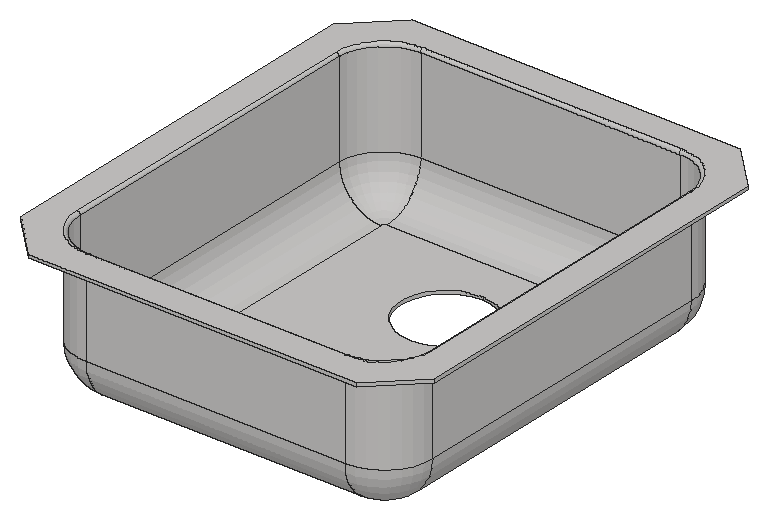
Revit family "Sink-Undermount-ADA-Acorn-SUADA-1416_Series", category Plumbing Fixtures, host Face, Revit 2019
Family settings
  Host = Face
  Round Connector Dimension = Use Diameter
  Part Type = Normal
  OmniClass Number = 23.45.05.14.14
  OmniClass Title = Sinks/Lavatories
  Cut with Voids When Loaded = No
  Shared = Yes
  Room Calculation Point = No
Parameters (values of type "SUADA-1416-55")
  cUPC Compliant = yes
  Width = 16"  # constant formula
  Waste Connection = no
  WFU = 4  # constant formula
  Vent Connection = no
  URL = "https://www.acorneng.com/home"
  Type Comments = ""
  Product Page URL = "https://www.acorneng.com/acorn-sinks-ada-undermount-suada-1416"
  Product Documentation Link = "https://www.acorneng.com/uploads/fileLibrary/SUADA-1416_pkt.pdf"
  Model = "SUADA-1416-55"
  Manufacturer = "Acorn"
  Length = 18 1/2"  # constant formula
  Countertop Thickness = 1/2"
  ADA Compliant = yes
  -55 4-1/2” Deep Bowl = not([-45 4-1/2” Deep Bowl])  # yes
  Installation Type = "Undermount"  # constant formula
  HWFU = 3  # constant formula
  HW Connection = no
  Finish = Stainless Steel-18 Gauge-Type 304-Acorn-Satin
  Drain Size = 3 1/2"  # constant formula
  Description = "Acorn-Sinks® Stainless Steel Undermount Sink, 14\" x 16\""
  Default Elevation = 34"
  Creation Date = "11/14/2024"
  Compliance Certifications = "ASME A112.19.3/CSA B45.4, IAPMO® Certified for Conformance with Uniform Plumbing Code (UPC ), International Plumbing Code (IPC ), National Plumbing Code of Canada (NPC )"
  CWFU = 3  # constant formula
  CW Connection = no
  Sink Bowl Width = 13 1/2"  # constant formula
  Sink Bowl Length = 16"  # constant formula
  Sink Bowl Depth = if([-45 4-1/2” Deep Bowl], 4 1/2", 5 1/2")  # 5 1/2"
  Assembly Code = "D2010440"
  -45 4-1/2” Deep Bowl = no
Types (3): name | Model | -55 4-1/2” Deep Bowl | Sink Bowl Depth | -45 4-1/2” Deep Bowl
  (no name) | "SUADA-1416-55" | yes | 5 1/2" | no
  SUADA-1416-45 | "SUADA-1416-45" | no | 4 1/2" | yes
  SUADA-1416-55 | "SUADA-1416-55" | yes | 5 1/2" | no
Reference planes (in)
  plane 1 "Center (Front/Back)": y = 0
  plane 2 "Counter": z = 0
  plane 3 "Center (Left/Right)": x = 0
  plane 4: x = -8
  plane 5: x = 8
  plane 6: y = -18.5
  plane 7: y = -1.25
  plane 8: z = -6
  plane 9: y = -17.25
  plane 10: y = -6.25
  plane 11: x = -6.75
  plane 12: x = -6.75
  plane 13: x = 6.75
  plane 14: x = 7.25
  plane 15: y = -17.75
  plane 16: y = -9.25
  plane 17 "Sink": z = -0.5
Forms (in)
  Sweep 1, solid, material "Stainless Steel-18 Gauge-Type 304-Acorn-Satin" <- "Finish"
    path origin (0, 0, -0.5) x (-1, 0, 0) y (0, -1, 0)
      loop
        line (5, 17.25) -> (-5, 17.25)
        arc (-5, 17.25) -> (-6.23744, 16.73744) -> (-6.75, 15.5) r 1.75
        line (-6.75, 15.5) -> (-6.75, 3)
        arc (-6.75, 3) -> (-6.23744, 1.76256) -> (-5, 1.25) r 1.75
        line (-5, 1.25) -> (5, 1.25)
        arc (5, 1.25) -> (6.23744, 1.76256) -> (6.75, 3) r 1.75
        line (6.75, 3) -> (6.75, 15.5)
        arc (6.75, 15.5) -> (6.23744, 16.73744) -> (5, 17.25) r 1.75
    profile origin (0, -17.25, -0.5) x (0, 1, 0) y (0, 0, 1)
      loop
        line (-0.125, 0) -> (-0.25, 0) -> (-0.25, -0.125) -> (-0.125, -0.125) -> (-0.125, -3.75)
        arc (-0.125, -3.75) -> (0.38756, -4.98744) -> (1.625, -5.5) r 1.75
        line (1.625, -5.5) -> (1.65625, -5.5) -> (1.65625, -5.375) -> (1.625, -5.375)
        arc (1.625, -5.375) -> (0.47595, -4.89905) -> (0, -3.75) r 1.625
        line (0, -3.75) -> (0, -0.125)
        arc (0, -0.125) -> (-0.03661, -0.03661) -> (-0.125, 0) r 0.125
  Extrusion 2, solid, material "Stainless Steel-18 Gauge-Type 304-Acorn-Satin" <- "Finish"
    sketch origin (-5, -15.59375, -6) x (0, -1, 0) y (-1, 0, 0)
      loop
        arc (-0.09375, -10.09375) -> (-0.02746, -10.06629) -> (0, -10) r 0.09375
        line (0, -10) -> (0, 0)
        arc (0, 0) -> (-0.02746, 0.06629) -> (-0.09375, 0.09375) r 0.09375
        line (-0.09375, 0.09375) -> (-12.59375, 0.09375)
        arc (-12.59375, 0.09375) -> (-12.66004, 0.06629) -> (-12.6875, 0) r 0.09375
        line (-12.6875, 0) -> (-12.6875, -10)
        arc (-12.6875, -10) -> (-12.66004, -10.06629) -> (-12.59375, -10.09375) r 0.09375
        line (-12.59375, -10.09375) -> (-0.09375, -10.09375)
      loop
        circle (-9.34375, -5) r 1.75
    from -0.125 to 0
  Extrusion 3, solid, material "Stainless Steel-18 Gauge-Type 304-Acorn-Satin" <- "Finish"
    sketch origin (-6.75, -21.11719, -0.125) x (0, -1, 0) y (-1, 0, 0)
      loop
        line (-2.61719, -0.42417) -> (-4.29136, 1.25) -> (-19.44301, 1.25) -> (-21.11719, -0.42417) -> (-21.11719, -13.07583) -> (-19.44301, -14.75) -> (-4.29136, -14.75) -> (-2.61719, -13.07583) -> (-2.61719, -0.42417)
      loop
        arc (-3.74219, -1.75) -> (-4.29136, -0.42417) -> (-5.61719, 0.125) r 1.875
        line (-5.61719, 0.125) -> (-18.11719, 0.125)
        arc (-18.11719, 0.125) -> (-19.44301, -0.42417) -> (-19.99219, -1.75) r 1.875
        line (-19.99219, -1.75) -> (-19.99219, -11.75)
        arc (-19.99219, -11.75) -> (-19.44301, -13.07583) -> (-18.11719, -13.625) r 1.875
        line (-18.11719, -13.625) -> (-5.61719, -13.625)
        arc (-5.61719, -13.625) -> (-4.29136, -13.07583) -> (-3.74219, -11.75) r 1.875
        line (-3.74219, -11.75) -> (-3.74219, -1.75)
    from 0.5 to 0.375
  Extrusion 4, void
    sketch origin (0, 0, 0) x (1, 0, 0) y (0, 1, 0)
      loop
        line (5, -0.75) -> (-5, -0.75)
        arc (-5, -0.75) -> (-6.59099, -1.40901) -> (-7.25, -3) r 2.25
        line (-7.25, -3) -> (-7.25, -15.5)
        arc (-7.25, -15.5) -> (-6.59099, -17.09099) -> (-5, -17.75) r 2.25
        line (-5, -17.75) -> (5, -17.75)
        arc (5, -17.75) -> (6.59099, -17.09099) -> (7.25, -15.5) r 2.25
        line (7.25, -15.5) -> (7.25, -3)
        arc (7.25, -3) -> (6.59099, -1.40901) -> (5, -0.75) r 2.25
    from 0 to -6
Cuts and joins
  joined: Sweep 1, Extrusion 2, Extrusion 3
Dimensions and locks (in)
  equal spacing: plane 4, plane 3 "Center (Left/Right)", plane 5
  "Width": plane 4 to plane 5
  "Length": plane 6 to plane 1 "Center (Front/Back)"
  "Sink Bowl Width": Sweep 1 sketch curve to Sweep 1 sketch curve
  plane 7 to plane 1 "Center (Front/Back)" = 1 1/4"
  equal spacing: Extrusion 2 sketch curve, Extrusion 2 sketch curve, Extrusion 2 sketch curve
  locked: Sweep 1 sketch curve to Sweep 1 sketch curve at 0.125
  equal spacing: Sweep 1 sketch curve, plane 3 "Center (Left/Right)", Sweep 1 sketch curve
  locked: plane 9 to plane 6 at 1.25
  "Sink Bowl Length": Sweep 1 sketch curve to Sweep 1 sketch curve
  plane 7 to plane 10 = 5"
  plane 4 to plane 11 = 1 1/4"
  equal spacing: plane 12, plane 3 "Center (Left/Right)", plane 13
  "Sink Bowl Width": plane 12 to plane 13
  "Sink Bowl Length": plane 7 to plane 9
  plane 13 to plane 14 = 1/2"
  plane 9 to plane 15 = 1/2"
  equal spacing: Extrusion 4 sketch curve, plane 3 "Center (Left/Right)", Extrusion 4 sketch curve
  equal spacing: Extrusion 4 sketch curve, plane 16, Extrusion 4 sketch curve
  "Sink Bowl Depth": plane 17 "Sink" to plane 8
  "Countertop Thickness": level to plane 17 "Sink"
  locked: cut or joined group of Sweep 1, Extrusion 2, Extrusion 3 to cut or joined group of Sweep 1, Extrusion 2, Extrusion 3 at 0.125
  locked: Extrusion 2 sketch curve to Extrusion 2 sketch curve (diameter 3 1/2")
  aligned and locked: host face to plane 2 "Counter"
  aligned and locked: host face to level
  aligned and locked: Extrusion 2 sketch curve to Sweep 1  (x2)
  aligned and locked: Extrusion 2 to Sweep 1
  aligned and locked: Sweep 1 sketch curve to plane 8
  aligned and locked: plane 6 to Extrusion 3 sketch curve
  aligned and locked: plane 4 to Extrusion 3 sketch curve
  aligned and locked: plane 1 "Center (Front/Back)" to Extrusion 3 sketch curve
  aligned and locked: Extrusion 3 sketch curve to plane 5
  aligned and locked: Sweep 1 sketch curve to plane 7
  aligned and locked: Extrusion 3 sketch curve to cut or joined group of Sweep 1, Extrusion 2, Extrusion 3  (x4)
  aligned and locked: plane 10 to Extrusion 2 sketch curve
  aligned and locked: Extrusion 4 to plane 8
  aligned and locked: plane 17 "Sink" to cut or joined group of Sweep 1, Extrusion 2, Extrusion 3
  aligned and locked: Sweep 1 sketch curve to plane 17 "Sink"
  aligned and locked: plane 2 "Counter" to Extrusion 4
Automatic sketch dimensions
  host sketch curve to host sketch curve = 161.60125"
  host sketch curve to host sketch curve = 96"
  Sweep 1 sketch curve to Sweep 1 sketch curve = 0"  (x3)
  Sweep 1 sketch curve to profile plane = 0"
  profile plane to Sweep 1 sketch curve = 1/8"
  Sweep 1 sketch curve to profile plane = 1 5/8"
  Sweep 1 sketch curve to Sweep 1 sketch curve = 1/32"
  Sweep 1 sketch curve to Sweep 1 sketch curve = 1/8"
  Extrusion 2 sketch curve to plane 3 "Center (Left/Right)" = 0"
  Extrusion 2 sketch curve to Extrusion 2 sketch curve = 3/32"  (x2)
  Extrusion 3 sketch curve to plane 7 = 0.42417"  (x2)
  plane 9 to Extrusion 3 sketch curve = 0.42417"  (x2)
  plane 11 to Extrusion 3 sketch curve = 0.42417"  (x2)
  plane 5 to Extrusion 3 sketch curve = 1.67417"  (x2)
  Extrusion 4 sketch curve to plane 15 = 0"
  Extrusion 4 sketch curve to plane 14 = 0"
  plane 11 to Extrusion 4 sketch curve = 1 3/4"  (x2)
  plane 13 to Extrusion 4 sketch curve = 1 3/4"
  plane 9 to Extrusion 4 sketch curve = 1 3/4"
  plane 13 to Sweep 1 sketch curve = 1 3/4"  (x2)
  Sweep 1 sketch curve to Sweep 1 sketch curve = 1 3/4"
  plane 11 to Sweep 1 sketch curve = 1 3/4"
